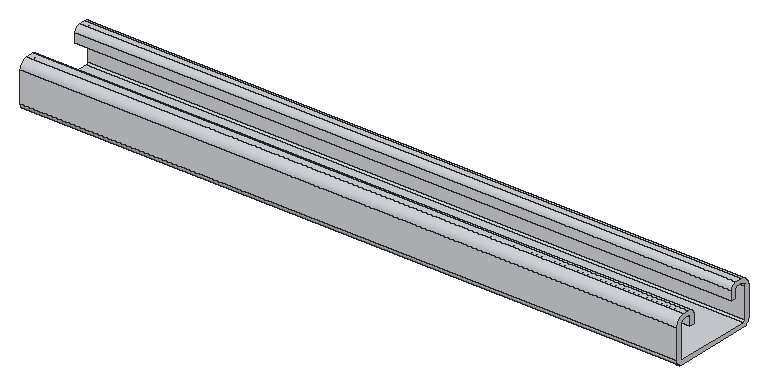
Revit family "Channel-Unistrut-P4100", category Specialty Equipment, Revit 2012
Parameters (values of type "Parametric")
  ecoScorecard_data = ""
  ecoScorecard Product Page = ""
  Weight Per Foot = 6.10 lbf/ft
  Unit = none
  URL = "http://unistrut.us/index.php"
  Subcategory = "1 5/8\" Channels"
  Product Page URL = "http://unistrut.us/index.php?WP=cat_detail&S=S02&P=P5001"
  Power Strut Part Number = "PS 200 KO6"  # constant formula
  Part Type = "Channel"  # constant formula
  Part Number = ""
  Overall Width = 1 5/8"
  Overall Height = 13/16"  # constant formula
  Model = "P5001"  # constant formula
  Material = "Multiple Options - See Catalog"
  Manufacturer Toll Free Phone = "800-882-5543"  # constant formula
  Manufacturer Phone = "708-339-1610"  # constant formula
  Manufacturer Fax = "708-339-7814"  # constant formula
  Manufacturer Email = "mailto:questions@atkore.com"
  Manufacturer Address = "16100 South Lathrop Avenue, Harvey, IL 60426"  # constant formula
  Manufacturer = "Unistrut by Atkore International"  # constant formula
  Load Capacity Note = "Visit the product page for load application and capacity."  # constant formula
  Literature URL = "http://unistrut.us/index.php?WP=LItLibrary"
  Length [instance] = 12"
  Hole Spacing On Center Dimension = 6"
  Hole Spacing From End Dimension = 7/8"
  Gauge Thickness = "12 Gauge (.105”)"  # constant formula
  Description = "P5001 Channel"
  Cost Info = "mailto:questions@atkore.com"
  Category = "Specialty Equipment"  # constant formula
  CSI MasterSpec = "http://www.unistrut.us/a_files/TechRef/Unistrut_CSI_05430.pdf"
  CAD URL = "http://unistrut.us/index.php?WP=CAD3d"
  Assembly Code = "D5020100"
  Allowable Moment = 65.323 N·m
  95 CSI = "16070"  # constant formula
  04 CSI = "26 05 48"  # constant formula
Reference planes (in)
  plane 1 "Center (Front/Back)": y = 0
  plane 2: z = 0
  plane 3 "Center (Left/Right)": x = 0
  plane 4: y = 0.8125
  plane 5: y = -0.8125
  plane 6: z = 0.8125
  plane 7: x = -6
  plane 8: x = 6
Dimensions and locks (in)
  "Overall Width": plane 4 to plane 5
  equal spacing: plane 4, plane 1 "Center (Front/Back)", plane 5
  "Overall Height": plane 6 to level
  "Length": plane 7 to plane 8
  equal spacing: plane 7, plane 3 "Center (Left/Right)", plane 8
  aligned and locked: level to plane 2
  aligned and locked: plane 3 "Center (Left/Right)" to nested 1
  aligned and locked: nested 1 to plane 1 "Center (Front/Back)"
Nested families (in)
  nested 1: "P4100_" at (0, 0, 0) x (0, 1, 0) z (0, 0, 1), type "P4100_"
Definition of nested family "P4100_"
  Parameters (values of type "P4100_")
    Width = 1 5/8"
    Unit = none
    Length = 12"
    Height = 13/16"
  Reference planes (in)
    plane 1 "Center (Front/Back)": y = 0
    plane 2: z = 0
    plane 3 "Center (Left/Right)": x = 0
    plane 4: y = 6
    plane 5: y = -6
    plane 6: x = -0.8125
    plane 7: x = 0.8125
    plane 8: z = 0.8125
  Forms (in)
    Sweep 1, solid, detail levels fine
      path origin (0, 0, 0) x (1, 0, 0) y (0, 1, 0)
        loop
          line (0, 6) -> (0, -6)
      profile origin (0, 0, 0) x (1, 0, 0) y (0, 0, 1)
        loop
          line (-0.6565, 0.737) -> (-0.5375, 0.737)
          arc (-0.5375, 0.737) -> (-0.51982, 0.72968) -> (-0.5125, 0.712) r 0.025
          line (-0.5125, 0.712) -> (-0.5125, 0.552) -> (-0.4375, 0.552) -> (-0.4375, 0.712)
          arc (-0.4375, 0.712) -> (-0.46679, 0.78271) -> (-0.5375, 0.812) r 0.1
          line (-0.5375, 0.812) -> (-0.6565, 0.812)
          arc (-0.6565, 0.812) -> (-0.76681, 0.76631) -> (-0.8125, 0.656) r 0.156
          line (-0.8125, 0.656) -> (-0.8125, 0.10625)
          arc (-0.8125, 0.10625) -> (-0.78138, 0.03112) -> (-0.70625, 0) r 0.10625
          line (-0.70625, 0) -> (0.70625, 0)
          arc (0.70625, 0) -> (0.78138, 0.03112) -> (0.8125, 0.10625) r 0.10625
          line (0.8125, 0.10625) -> (0.8125, 0.656)
          arc (0.8125, 0.656) -> (0.76681, 0.76631) -> (0.6565, 0.812) r 0.156
          line (0.6565, 0.812) -> (0.5375, 0.812)
          arc (0.5375, 0.812) -> (0.46679, 0.78271) -> (0.4375, 0.712) r 0.1
          line (0.4375, 0.712) -> (0.4375, 0.552) -> (0.5125, 0.552) -> (0.5125, 0.712)
          arc (0.5125, 0.712) -> (0.51982, 0.72968) -> (0.5375, 0.737) r 0.025
          line (0.5375, 0.737) -> (0.6565, 0.737)
          arc (0.6565, 0.737) -> (0.71378, 0.71328) -> (0.7375, 0.656) r 0.081
          line (0.7375, 0.656) -> (0.7375, 0.10625)
          arc (0.7375, 0.10625) -> (0.72835, 0.08415) -> (0.70625, 0.075) r 0.03125
          line (0.70625, 0.075) -> (-0.70625, 0.075)
          arc (-0.70625, 0.075) -> (-0.72835, 0.08415) -> (-0.7375, 0.10625) r 0.03125
          line (-0.7375, 0.10625) -> (-0.7375, 0.656)
          arc (-0.7375, 0.656) -> (-0.71378, 0.71328) -> (-0.6565, 0.737) r 0.081
    Sweep 2, solid, material <- "Unit", detail levels coarse+medium
      path origin (0, 0, 0) x (1, 0, 0) y (0, 1, 0)
        loop
          line (0, 6) -> (0, -6)
      profile origin (0, 0, 0) x (1, 0, 0) y (0, 0, 1)
        loop
          line (-0.8125, 0.8125) -> (-0.8125, 0) -> (0.8125, 0) -> (0.8125, 0.8125) -> (-0.8125, 0.8125)
  Lines and regions (in)
    symbolic lines, style "Channel", detail levels fine
      curve 1: line (-0.4375, 6, 0) -> (-0.4375, -6, 0)
      curve 2: line (0.4375, -6, 0) -> (0.4375, 6, 0)
    symbolic lines, style "Channel"
      curve 3: line (0.8125, 6, 0) -> (0.8125, -6, 0)
      curve 4: line (-0.8125, 6, 0) -> (0.8125, 6, 0)
      curve 5: line (-0.8125, 6, 0) -> (-0.8125, -6, 0)
      curve 6: line (-0.8125, -6, 0) -> (0.8125, -6, 0)
  Dimensions and locks (in)
    equal spacing: plane 5, plane 1 "Center (Front/Back)", plane 4
    "Length": plane 4 to plane 5
    equal spacing: plane 6, plane 3 "Center (Left/Right)", plane 7
    "Width": plane 6 to plane 7
    "Height": plane 8 to level
    aligned and locked: level to plane 2
    aligned and locked: plane 5 to Sweep 1 sketch curve
    aligned and locked: plane 4 to Sweep 1 sketch curve
    aligned and locked: Sweep 1 sketch curve to plane 3 "Center (Left/Right)"
    aligned and locked: plane 4 to Sweep 2 sketch curve
    aligned and locked: plane 5 to Sweep 2 sketch curve
    aligned and locked: Sweep 2 sketch curve to plane 3 "Center (Left/Right)"
    aligned and locked: Sweep 2 sketch curve to plane 8
    aligned and locked: Sweep 2 sketch curve to plane 6
    aligned and locked: profile plane to Sweep 2 sketch curve
    aligned and locked: plane 7 to Sweep 2 sketch curve
    aligned and locked: plane 4 to curve 2
    aligned and locked: plane 5 to curve 2
    aligned and locked: plane 7 to curve 3
    aligned and locked: curve 4 to plane 4
    aligned and locked: curve 5 to plane 6
    aligned and locked: plane 5 to curve 6
  Automatic sketch dimensions
    Sweep 1 sketch curve to Sweep 1 sketch curve = 0"  (x12)
    Sweep 1 sketch curve to level = 0"
    profile plane to Sweep 1 sketch curve = 13/16"
    Sweep 1 sketch curve to Sweep 1 sketch curve = 0.075"
    Sweep 1 sketch curve to Sweep 1 sketch curve = 1/32"
    Sweep 1 sketch curve to Sweep 1 sketch curve = 0.081"
    Sweep 1 sketch curve to Sweep 1 sketch curve = 0.119"  (x2)
    Sweep 1 sketch curve to Sweep 1 sketch curve = 0.025"  (x2)
    Sweep 1 sketch curve to profile plane = 7/16"
    level to Sweep 1 sketch curve = 0.10625"
    Sweep 1 sketch curve to Sweep 1 sketch curve = 0.19375"
    Sweep 1 sketch curve to Sweep 1 sketch curve = 0.44575"  (x2)
    Sweep 1 sketch curve to Sweep 1 sketch curve = 0.104"  (x2)
    plane 6 to curve 1 = 3/8"
    plane 7 to curve 2 = 3/8"
